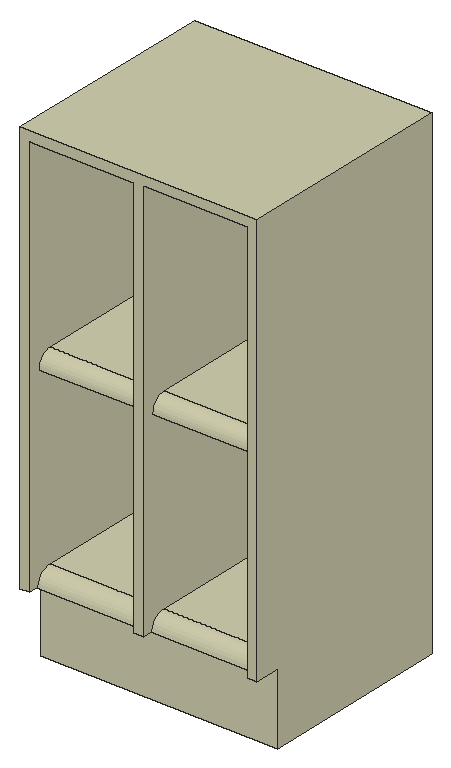
Revit family "Wenger Cabinet 58", category Furniture, Revit 2011
Parameters (values of type "Standard Cabinet #58")
  URL = "http://www.wengercorp.com/Home/Contact.html"
  Toekick Material [instance] = none
  RH End Panel [instance] = no
  Model = "58"
  Manufacturer = "Wenger Corporation"
  LH End Panel [instance] = no
  End Panel Material [instance] = none
  Edge Banding Material [instance] = none
  Door Material [instance] = none
  Description = "Standard Cabinet #58"
  Cabinet Width = 1' - 6 3/4"
  Cabinet Label = Labels : Standard
  Cabinet Height = 3' - 2 5/16"
  Cabinet Depth = 1' - 5 1/4"
  Cabinet Back Thickness = 0' - 0 3/4"
  Assembly Code = ""
Types (4): name | Model | Description | Cabinet Width | Cabinet Label | Cabinet Depth | Cabinet Back Thickness
  Standard Cabinet #58 | "58" | "Standard Cabinet #58" | 1' - 6 3/4" | Labels : Standard | 1' - 5 1/4" | 0' - 0 3/4"
  Acoustic Cabinet #58 | "58A" | "Acoustic Cabinet #58" | 1' - 6 3/4" | Labels : Acoustic | 1' - 7 3/4" | 0' - 3 1/4"
  Narrow Acoustic Cabinet #58 | "58NA" | "Narrow Acoustic Cabinet #58" | 1' - 2 3/4" | Labels : Narrow Acoustic | 1' - 7 3/4" | 0' - 3 1/4"
  Narrow Cabinet #58 | "58N" | "Narrow Cabinet #58" | 1' - 2 3/4" | Labels : Narrow | 1' - 5 1/4" | 0' - 0 3/4"
Reference planes (in)
  plane 1 "Front": y = 0
  plane 2: z = 0
  plane 3 "Left": x = 0
  plane 4 "Right": x = 18.75
  plane 5 "Back": y = 17.25
  plane 6 "Top": z = 38.3125
  plane 7: z = 5.625
  plane 8: z = 21.03125
  plane 9: x = 0.75
  plane 10: x = 18
  plane 11: z = 37.5625
  plane 12: x = 9
  plane 13: x = 9.75
  plane 14: y = 16.5
  plane 15: y = 2
  plane 16: y = 0.75
  plane 17: z = 22.15625
  plane 18: z = 6.75
Forms (in)
  Extrusion 1, solid, material "Wenger - Oyster"
    sketch origin (0, 0, 0) x (0, 1, 0) y (0, 0, 1)
      loop
        line (0, 38.3125) -> (0, 5.625) -> (2, 5.625) -> (2, 0) -> (17.25, 0) -> (17.25, 38.3125) -> (0, 38.3125)
    from 0 to 18.75
  Extrusion 2, void
    sketch origin (0, 0, 0) x (0, 1, 0) y (0, 0, 1)
      loop
        line (0, 37.5625) -> (0, 5.625) -> (0.73621, 5.625)
        arc (0.73621, 5.625) -> (1.15605, 6.42816) -> (2.00325, 6.75) r 1.276
        line (2.00325, 6.75) -> (16.5, 6.75) -> (16.5, 21.03125) -> (0.875, 21.03125)
        arc (0.875, 21.03125) -> (1.2045, 21.82675) -> (2, 22.15625) r 1.125
        line (2, 22.15625) -> (16.5, 22.15625) -> (16.5, 37.5625) -> (0, 37.5625)
    from 0.75 to 9
  Extrusion 3, void
    sketch origin (9, 0, 0) x (0, 1, 0) y (0, 0, 1)
      loop
        line (0, 37.5625) -> (0, 5.625) -> (0.73621, 5.625)
        arc (0.73621, 5.625) -> (1.15605, 6.42816) -> (2.00325, 6.75) r 1.276
        line (2.00325, 6.75) -> (16.5, 6.75) -> (16.5, 21.03125) -> (0.875, 21.03125)
        arc (0.875, 21.03125) -> (1.2045, 21.82675) -> (2, 22.15625) r 1.125
        line (2, 22.15625) -> (16.5, 22.15625) -> (16.5, 37.5625) -> (0, 37.5625)
    from 0.75 to 9
Cuts and joins
  Extrusion 2, Extrusion 3 cuts Extrusion 1
Lines and regions (in)
  symbolic lines
    curve 1: line (0, 17.25, 0) -> (18.75, 17.25, 0)
    curve 2: line (0, 0, 0) -> (0, 17.25, 0)
    curve 3: line (18.75, 0, 0) -> (0, 0, 0)
    curve 4: line (18.75, 17.25, 0) -> (18.75, 0, 0)
Dimensions and locks (in)
  locked: plane 3 "Left" to plane 9 at 0.75
  locked: plane 12 to plane 13 at 0.75
  locked: plane 10 to plane 4 "Right" at 0.75
  "Cabinet Back Thickness": plane 5 "Back" to plane 14
  locked: plane 1 "Front" to plane 16 at 0.75
  locked: plane 1 "Front" to plane 15 at 2
  locked: plane 17 to plane 8 at 1.125
  locked: plane 6 "Top" to plane 11 at 0.75
  locked: plane 18 to plane 7 at 1.125
  equal spacing: plane 10, plane 12, plane 3 "Left"
  "Cabinet Width": plane 3 "Left" to plane 4 "Right"
  locked: plane 7 to level at 5.625
  "Cabinet Height": plane 6 "Top" to level
  "Cabinet Depth": plane 1 "Front" to plane 5 "Back"
  plane 9 to plane 10 = 1' - 5 1/4"
  plane 11 to plane 7 = 2' - 7 15/16"
  equal spacing: plane 11, plane 17, plane 18
  aligned and locked: Extrusion 1 sketch curve to plane 6 "Top"
  aligned and locked: Extrusion 1 sketch curve to plane 5 "Back"
  aligned and locked: Extrusion 1 sketch curve to plane 1 "Front"
  aligned and locked: Extrusion 1 sketch curve to plane 7
  aligned and locked: Extrusion 1 sketch curve to plane 15
  aligned and locked: Extrusion 1 sketch curve to level
  aligned and locked: Extrusion 1 to plane 4 "Right"
  aligned and locked: Extrusion 1 to plane 3 "Left"
  aligned and locked: plane 3 "Left" to curve 2
  aligned and locked: curve 1 to plane 5 "Back"
  aligned and locked: plane 4 "Right" to curve 4
  aligned and locked: curve 3 to plane 1 "Front"
  aligned: Extrusion 2 to plane 10
  aligned and locked: Extrusion 2 to plane 9
  aligned and locked: plane 12 to Extrusion 2
  aligned and locked: Extrusion 2 to plane 17
  aligned and locked: Extrusion 3 to plane 13
  aligned and locked: Extrusion 3 to plane 10
Automatic sketch dimensions
  Extrusion 2 sketch curve to plane 1 "Front" = 0' - 0"
  plane 16 to Extrusion 2 sketch curve = 0' - 0.01379"
  Extrusion 2 sketch curve to plane 8 = 0' - 0"
  Extrusion 2 sketch curve to plane 15 = 0' - 0"
  Extrusion 2 sketch curve to plane 15 = 0' - 0.00325"
  Extrusion 2 sketch curve to plane 14 = 0' - 0"  (x2)
  Extrusion 2 sketch curve to plane 18 = 0' - 0"
  Extrusion 2 sketch curve to plane 17 = 0' - 0"
  Extrusion 2 sketch curve to plane 11 = 0' - 0"
  plane 7 to Extrusion 2 sketch curve = 0' - 0"
  Extrusion 3 sketch curve to plane 1 "Front" = 0' - 0"
  Extrusion 3 sketch curve to plane 7 = 0' - 0"
  Extrusion 3 sketch curve to plane 8 = 0' - 0"
  Extrusion 3 sketch curve to plane 15 = 0' - 0"
  Extrusion 3 sketch curve to plane 18 = 0' - 0"
  Extrusion 3 sketch curve to plane 14 = 0' - 0"  (x2)
  Extrusion 3 sketch curve to plane 17 = 0' - 0"
  Extrusion 3 sketch curve to plane 11 = 0' - 0"
  plane 16 to Extrusion 3 sketch curve = 0' - 0.01379"
  Extrusion 3 sketch curve to plane 15 = 0' - 0.00325"
Nested families (in)
  nested 1: "LH End Panel" at (0, 2.25, 0) x (0, -1, 0) z (0, 0, 1), End Panel Material <- "End Panel Material", visible <- "LH End Panel", Edge Banding Material <- "Edge Banding Material", type "20x84 LH"
    with End Panel Material none, Edge Banding Material none, End Panel Height 3' - 2 5/16", End Panel Depth 1' - 5 1/4"
  nested 2: "RH End Panel" at (19.5, 2.25, 0) x (0, -1, 0) z (0, 0, 1), End Panel Material <- "End Panel Material", visible <- "RH End Panel", Edge Banding Material <- "Edge Banding Material", type "20x84 RH"
    with End Panel Material none, Edge Banding Material none, End Panel Height 3' - 2 5/16", End Panel Depth 1' - 5 1/4"
  nested 3: "Labels" at (8.86572, 9.98211, 0) x (0, 1, 0) z (0, 0, 1), type <- "Cabinet Label", type "Standard"
  nested 4: "Front Note" at (8.53977, 0.75, 0), type "Front Note", detail levels medium+fine
Definition of nested family "LH End Panel"
  Parameters (values of type "20x84 LH")
    End Panel Material [instance] = none
    End Panel Height = 7' - 1 5/8"
    End Panel Depth = 1' - 7 1/4"
    Edge Banding Material [instance] = none
    Default Elevation = 4' - 0"
    Assembly Code = ""
  Reference planes (in)
    plane 1 "Center (Front/Back)": y = 0
    plane 2: z = 0
    plane 3 "Center (Left/Right)": x = 0
    plane 4: x = -15
    plane 5: x = 4.25
    plane 6: z = 5.625
    plane 7: x = 2.25
    plane 8: z = 85.625
    plane 9: y = -0.75
  Forms (in)
    Extrusion 1, solid, material <- "End Panel Material"
      sketch origin (0, 0, 0) x (1, 0, 0) y (0, 0, 1)
        loop
          line (-15, 85.625) -> (-15, 0) -> (2.25, 0) -> (2.25, 5.625) -> (4.25, 5.625) -> (4.25, 85.625) -> (-15, 85.625)
      from 0 to 0.75
  Dimensions and locks (in)
    locked: plane 7 to plane 5 at 2
    locked: plane 6 to level at 5.625
    "End Panel Height": plane 8 to level
    "End Panel Depth": plane 5 to plane 4
    locked: plane 9 to plane 1 "Center (Front/Back)" at 0.75
    aligned and locked: plane 4 to Extrusion 1 sketch curve
    aligned and locked: level to Extrusion 1 sketch curve
    aligned and locked: plane 7 to Extrusion 1 sketch curve
    aligned and locked: plane 6 to Extrusion 1 sketch curve
    aligned and locked: Extrusion 1 sketch curve to plane 5
    aligned and locked: Extrusion 1 sketch curve to plane 8
    aligned and locked: Extrusion 1 to plane 9
    aligned and locked: Extrusion 1 to plane 1 "Center (Front/Back)"
Definition of nested family "RH End Panel"
  Parameters (values of type "20x84 RH")
    End Panel Material [instance] = none
    End Panel Height = 7' - 1 5/8"
    End Panel Depth = 1' - 7 1/4"
    Edge Banding Material [instance] = none
    Default Elevation = 4' - 0"
    Assembly Code = ""
  Reference planes (in)
    plane 1 "Center (Front/Back)": y = 0
    plane 2: z = 0
    plane 3 "Center (Left/Right)": x = 0
    plane 4: x = -15
    plane 5: x = 4.25
    plane 6: z = 5.625
    plane 7: x = 2.25
    plane 8: z = 85.625
    plane 9: y = -0.75
  Forms (in)
    Extrusion 1, solid, material <- "End Panel Material"
      sketch origin (0, 0, 0) x (1, 0, 0) y (0, 0, 1)
        loop
          line (-15, 85.625) -> (-15, 0) -> (2.25, 0) -> (2.25, 5.625) -> (4.25, 5.625) -> (4.25, 85.625) -> (-15, 85.625)
      from 0 to 0.75
  Dimensions and locks (in)
    locked: plane 7 to plane 5 at 2
    locked: plane 6 to level at 5.625
    "End Panel Height": plane 8 to level
    "End Panel Depth": plane 5 to plane 4
    locked: plane 9 to plane 1 "Center (Front/Back)" at 0.75
    aligned and locked: plane 4 to Extrusion 1 sketch curve
    aligned and locked: level to Extrusion 1 sketch curve
    aligned and locked: plane 7 to Extrusion 1 sketch curve
    aligned and locked: plane 6 to Extrusion 1 sketch curve
    aligned and locked: Extrusion 1 sketch curve to plane 5
    aligned and locked: Extrusion 1 sketch curve to plane 8
    aligned and locked: Extrusion 1 to plane 9
    aligned and locked: Extrusion 1 to plane 1 "Center (Front/Back)"
Definition of nested family "Labels"
  Parameters (values of type "Standard")
    Cabinet Label = "01"
  Types (4): name | Cabinet Label
    Standard | "01"
    Narrow | "01N"
    Narrow Acoustic | "01NA"
    Acoustic | "01A"
  Reference planes (in)
    plane 1: y = 0
    plane 2: x = 0
  Text (in)
    label "xxxx" at (-0.00018, 0.00754, 0), shows "Cabinet Label"
Definition of nested family "Front Note"
  Parameters (values of type "Front Note")
    Cabinet Label = "Front"
  Reference planes (in)
    plane 1: y = 0
    plane 2: x = 0
  Text (in)
    label "Front" at (-0.00018, 0.00754, 0), shows "Cabinet Label"
